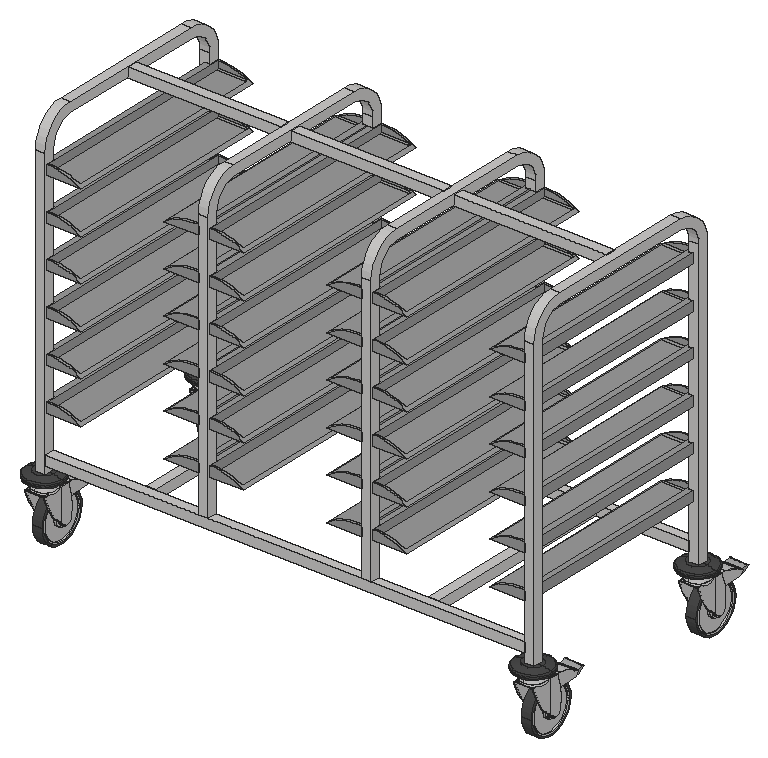
Revit family "QF_BOURGEAT_chariot_cafeteria_18plateaux_modele_bas_couleur", category Equipement spécialisé, Revit 2015
Parameters (values of type "chariot_modele_bas_glissieres_beiges_sans_panneaux")
  panneaux_verts = no
  panneaux_rouges = no
  panneaux_bleus = no
  URL catalogue = "http://www.bourgeat.fr"
  URL = ""
  Type article = ""
  Spécification du Fabricant = "CHARIOT CAFETERIA"
  Profondeur hors tout = 618 mm
  Poids net à vide = 25.00 kg
  Modèle = "782436"
  Longueur hors tout = 1337 mm
  Hauteur hors tout = 994 mm
  Fabricant = "BOURGEAT"
  Contact SAV = "0033(0)4.76.32.14.44"
  Charge max = 90.00 kg
Types (5, lengths in mm): name | panneaux_verts | panneaux_rouges | panneaux_bleus | Poids net à vide | Modèle
  (no name) | no | no | no | 25.00 kg | "782436"
  chariot_modele_bas_glissieres_beiges_sans_panneaux | no | no | no | 25.00 kg | "782436"
  chariot_modele_bas_glissieres_beiges_avec_2panneaux_bleus | no | no | yes | 27.50 kg | "782536"
  chariot_modele_bas_glissieres_beiges_avec_2panneaux_rouges | no | yes | no | 27.50 kg | "782736"
  chariot_modele_bas_glissieres_beiges_avec_2panneaux_verts | yes | no | no | 27.50 kg | "782636"
Reference planes
  plane 1 "Centre (avant/arrière)": y = 0
  plane 2: z = 0
  plane 3 "Centre (gauche/droite)": x = 0
  plane 4: x = 633.5
  plane 5: x = -633.5
  plane 6: z = 227.8
  plane 7: z = 182
  plane 8: z = 202.8
  plane 9: x = -219.5
  plane 10: x = 164.5
  plane 11: y = 12.5
  plane 12: y = -12.5
  plane 13: z = 867.34
  plane 14: z = 759.34
  plane 15: z = 651.34
  plane 16: z = 543.34
  plane 17: z = 435.34
  plane 18: z = 327.34
  plane 19: x = -207
  plane 20: x = 207
  plane 21: x = 194.5
  plane 22: x = 608.5
  plane 23: x = 219.5
  plane 24: z = 964.5
  plane 25: x = -414
  plane 26: x = -608.5
Forms (mm)
  Extrusion 1, solid, material "Acier inoxydable, brossé"
    sketch origin (0, 0, 0) x (0, 1, 0) y (0, 0, 1)
      loop
        line (-274, 227.8) -> (-274, 202.8) -> (-249, 202.8) -> (-249, 227.8) -> (-274, 227.8)
      loop
        line (249, 202.8) -> (274, 202.8) -> (274, 227.8) -> (249, 227.8) -> (249, 202.8)
    from -608.5 to 608.5
  Extrusion 2, solid, material "Acier inoxydable, brossé"
    sketch origin (-55, 0, 0) x (1, 0, 0) y (0, 0, 1)
      loop
        line (-316.5, 227.8) -> (-316.5, 202.8) -> (-291.5, 202.8) -> (-291.5, 227.8) -> (-316.5, 227.8)
      loop
        line (426.5, 227.8) -> (401.5, 227.8) -> (401.5, 202.8) -> (426.5, 202.8) -> (426.5, 227.8)
    from -249 to 249
  Extrusion 3, solid, material "Acier inoxydable, brossé"
    sketch origin (0, 0, 0) x (1, 0, 0) y (0, 0, 1)
      loop
        line (-608.5, 994.8) -> (-608.5, 969.8) -> (-219.5, 969.8) -> (-219.5, 994.8) -> (-608.5, 994.8)
      loop
        line (608.5, 995) -> (219.5, 995) -> (219.5, 969.8) -> (608.5, 969.8) -> (608.5, 995)
      loop
        line (194.5, 994.8) -> (-194.5, 994.8) -> (-194.5, 969.8) -> (194.5, 969.8) -> (194.5, 994.8)
    from -12.5 to 12.5
Dimensions and locks
  locked: plane 5 to plane 4 at 1267
  plane 6 to plane 8 = 25 mm
  nested 2 to level = 995 mm
  plane 5 to plane 3 "Centre (gauche/droite)" to plane 4 = 633.5 mm, 633.5 mm
  plane 5 to plane 9 = 414 mm
  nested 8 to nested 1 = 389 mm
  nested 7 to nested 8 = 389 mm
  Extrusion 2 to Extrusion 2 = 25 mm
  plane 22 to plane 23 = 389 mm
  nested 8 to plane 25 = 194.5 mm
  equal spacing: group 6, group 5, group 4, group 3, group 2, group 1  (x2)
  equal spacing: group 1, group 2, group 3, group 4, group 5, group 6
  aligned and locked: level to plane 2
  aligned and locked: plane 5 to nested 1
  aligned and locked: nested 2 to plane 1 "Centre (avant/arrière)"
  aligned and locked: nested 1 to plane 1 "Centre (avant/arrière)"
  aligned and locked: nested 2 to nested 6
  aligned and locked: nested 6 to nested 2
  aligned and locked: plane 4 to nested 2
  aligned and locked: nested 1 to plane 5
  aligned and locked: nested 4 to nested 1  (x2)
  aligned and locked: nested 3 to nested 1
  aligned and locked: nested 5 to nested 2  (x2)
  aligned and locked: nested 7 to plane 1 "Centre (avant/arrière)"
  aligned and locked: Extrusion 1 sketch curve to nested 7  (x4)
  aligned and locked: plane 8 to Extrusion 1 sketch curve
  aligned and locked: Extrusion 1 sketch curve to nested 1
  aligned and locked: Extrusion 1 sketch curve to plane 8
  aligned and locked: nested 1 to Extrusion 1 sketch curve
  aligned and locked: Extrusion 2 sketch curve to plane 6
  aligned and locked: plane 8 to Extrusion 2 sketch curve  (x3)
  aligned and locked: plane 6 to Extrusion 2 sketch curve
  aligned and locked: Extrusion 2 sketch curve to plane 8
  aligned and locked: Extrusion 2 to Extrusion 1
  aligned and locked: Extrusion 3 sketch curve to nested 1
  aligned and locked: nested 1 to Extrusion 3 sketch curve
  aligned and locked: nested 7 to Extrusion 3 sketch curve  (x3)
  aligned and locked: nested 2 to Extrusion 3 sketch curve
  aligned and locked: Extrusion 3 sketch curve to nested 2
  aligned and locked: Extrusion 3 sketch curve to nested 7  (x2)
  aligned and locked: Extrusion 3 to plane 11
  aligned and locked: Extrusion 3 to plane 12
  aligned and locked: Extrusion 2 to nested 1
  aligned and locked: nested 2 to plane 22
  aligned and locked: plane 6 to nested 8
  aligned and locked: nested 7 to plane 23
  aligned and locked: nested 7 to plane 21
  aligned and locked: Extrusion 1 to nested 2
  aligned and locked: nested 8 to Extrusion 3 sketch curve
  aligned and locked: Extrusion 3 sketch curve to nested 8
  aligned and locked: nested 1 to nested 3
  aligned and locked: plane 13 to nested 9
  aligned and locked: plane 26 to nested 11
  aligned and locked: plane 26 to nested 12
  aligned and locked: plane 26 to nested 13
  aligned and locked: plane 26 to nested 14
  aligned and locked: Extrusion 3 sketch curve to Extrusion 3 sketch curve
  aligned and locked: nested 1 to plane 26
  aligned and locked: plane 24 to nested 45
  aligned and locked: plane 24 to nested 47
  aligned and locked: plane 24 to nested 49
  aligned and locked: plane 24 to nested 46
  aligned and locked: plane 24 to nested 48
  aligned and locked: plane 24 to nested 50
  aligned and locked: nested 46 to nested 39
  aligned and locked: nested 48 to nested 39
  aligned and locked: nested 50 to nested 39
  aligned and locked: nested 45 to nested 9
  aligned and locked: nested 47 to nested 9
  aligned and locked: nested 49 to nested 9
Nested families
  nested 1: "montant_U" at (-621, 0, 181.8) x (0, 1, 0) z (0, 0, 1), type "montant_U"
  nested 2: "montant_U" at (621, 0, 182) x (0, 1, 0) z (0, 0, 1), type "montant_U"
  nested 3: "ROULETTE_H182" at (-621, 261.5, 0), type "ROULETTE_H182"
    with Sans frein yes, Avec frein yes
  nested 4: "ROULETTE_H182" at (-621, -261.5, 0), type "ROULETTE_H182"
    with Sans frein yes, Avec frein yes
  nested 5: "ROULETTE_H182" at (621, -261.5, 0), type "ROULETTE_H182"
    with Sans frein yes, Avec frein yes
  nested 6: "ROULETTE_H182" at (621, 261.5, 0), type "ROULETTE_H182"
    with Sans frein yes, Avec frein yes
  nested 7: "montant_U_central" at (207, 0, 227.8) x (0, 1, 0) z (0, 0, 1), type "montant_U_central"
  nested 8: "montant_U_central" at (-207, 0, 227.8) x (0, 1, 0) z (0, 0, 1), type "montant_U_central"
  nested 9: "glissiere_polypropylene_beige" at (-618.5, 0, 862.34), type "glissiere_polypropylene_beige"
  nested 10: "glissiere_polypropylene_beige" at (-618.5, 0, 754.34), type "glissiere_polypropylene_beige"
  nested 11: "glissiere_polypropylene_beige" at (-618.5, 0, 646.34), type "glissiere_polypropylene_beige"
  nested 12: "glissiere_polypropylene_beige" at (-618.5, 0, 538.34), type "glissiere_polypropylene_beige"
  nested 13: "glissiere_polypropylene_beige" at (-618.5, 0, 430.34), type "glissiere_polypropylene_beige"
  nested 14: "glissiere_polypropylene_beige" at (-618.5, 0, 322.34), type "glissiere_polypropylene_beige"
  nested 15: "glissiere_polypropylene_beige" at (-209.5, 0, 862.34) x (-1, 0, 0) z (0, 0, 1), type "glissiere_polypropylene_beige"
  nested 16: "glissiere_polypropylene_beige" at (-209.5, 0, 754.34) x (-1, 0, 0) z (0, 0, 1), type "glissiere_polypropylene_beige"
  nested 17: "glissiere_polypropylene_beige" at (-209.5, 0, 646.34) x (-1, 0, 0) z (0, 0, 1), type "glissiere_polypropylene_beige"
  nested 18: "glissiere_polypropylene_beige" at (-209.5, 0, 538.34) x (-1, 0, 0) z (0, 0, 1), type "glissiere_polypropylene_beige"
  nested 19: "glissiere_polypropylene_beige" at (-209.5, 0, 430.34) x (-1, 0, 0) z (0, 0, 1), type "glissiere_polypropylene_beige"
  nested 20: "glissiere_polypropylene_beige" at (-209.5, 0, 322.34) x (-1, 0, 0) z (0, 0, 1), type "glissiere_polypropylene_beige"
  nested 21: "glissiere_polypropylene_beige" at (204.5, 0, 862.34) x (-1, 0, 0) z (0, 0, 1), type "glissiere_polypropylene_beige"
  nested 22: "glissiere_polypropylene_beige" at (204.5, 0, 754.34) x (-1, 0, 0) z (0, 0, 1), type "glissiere_polypropylene_beige"
  nested 23: "glissiere_polypropylene_beige" at (204.5, 0, 646.34) x (-1, 0, 0) z (0, 0, 1), type "glissiere_polypropylene_beige"
  nested 24: "glissiere_polypropylene_beige" at (204.5, 0, 538.34) x (-1, 0, 0) z (0, 0, 1), type "glissiere_polypropylene_beige"
  nested 25: "glissiere_polypropylene_beige" at (204.5, 0, 430.34) x (-1, 0, 0) z (0, 0, 1), type "glissiere_polypropylene_beige"
  nested 26: "glissiere_polypropylene_beige" at (204.5, 0, 322.34) x (-1, 0, 0) z (0, 0, 1), type "glissiere_polypropylene_beige"
  nested 27: "glissiere_polypropylene_beige" at (-204.5, 0, 862.34), type "glissiere_polypropylene_beige"
  nested 28: "glissiere_polypropylene_beige" at (-204.5, 0, 754.34), type "glissiere_polypropylene_beige"
  nested 29: "glissiere_polypropylene_beige" at (-204.5, 0, 646.34), type "glissiere_polypropylene_beige"
  nested 30: "glissiere_polypropylene_beige" at (-204.5, 0, 538.34), type "glissiere_polypropylene_beige"
  nested 31: "glissiere_polypropylene_beige" at (-204.5, 0, 430.34), type "glissiere_polypropylene_beige"
  nested 32: "glissiere_polypropylene_beige" at (-204.5, 0, 322.34), type "glissiere_polypropylene_beige"
  nested 33: "glissiere_polypropylene_beige" at (209.5, 0, 862.34), type "glissiere_polypropylene_beige"
  nested 34: "glissiere_polypropylene_beige" at (209.5, 0, 754.34), type "glissiere_polypropylene_beige"
  nested 35: "glissiere_polypropylene_beige" at (209.5, 0, 646.34), type "glissiere_polypropylene_beige"
  nested 36: "glissiere_polypropylene_beige" at (209.5, 0, 538.34), type "glissiere_polypropylene_beige"
  nested 37: "glissiere_polypropylene_beige" at (209.5, 0, 430.34), type "glissiere_polypropylene_beige"
  nested 38: "glissiere_polypropylene_beige" at (209.5, 0, 322.34), type "glissiere_polypropylene_beige"
  nested 39: "glissiere_polypropylene_beige" at (618.5, 0, 862.34) x (-1, 0, 0) z (0, 0, 1), type "glissiere_polypropylene_beige"
  nested 40: "glissiere_polypropylene_beige" at (618.5, 0, 754.34) x (-1, 0, 0) z (0, 0, 1), type "glissiere_polypropylene_beige"
  nested 41: "glissiere_polypropylene_beige" at (618.5, 0, 646.34) x (-1, 0, 0) z (0, 0, 1), type "glissiere_polypropylene_beige"
  nested 42: "glissiere_polypropylene_beige" at (618.5, 0, 538.34) x (-1, 0, 0) z (0, 0, 1), type "glissiere_polypropylene_beige"
  nested 43: "glissiere_polypropylene_beige" at (618.5, 0, 430.34) x (-1, 0, 0) z (0, 0, 1), type "glissiere_polypropylene_beige"
  nested 44: "glissiere_polypropylene_beige" at (618.5, 0, 322.34) x (-1, 0, 0) z (0, 0, 1), type "glissiere_polypropylene_beige"
  nested 45: "panneaux_lateraux_bleus" at (-622.5, 0, 252.5) x (0, 1, 0) z (0, 0, 1), visible <- "panneaux_bleus", type "panneaux_lateraux_bleus"
  nested 46: "panneaux_lateraux_bleus" at (618.5, 0, 252.5) x (0, 1, 0) z (0, 0, 1), visible <- "panneaux_bleus", type "panneaux_lateraux_bleus"
  nested 47: "panneaux_lateraux_rouge" at (-622.5, 0, 252.5) x (0, 1, 0) z (0, 0, 1), visible <- "panneaux_rouges", type "panneaux_lateraux_rouge"
  nested 48: "panneaux_lateraux_rouge" at (618.5, 0, 252.5) x (0, 1, 0) z (0, 0, 1), visible <- "panneaux_rouges", type "panneaux_lateraux_rouge"
  nested 49: "panneaux_lateraux_vert" at (-622.5, 0, 252.5) x (0, 1, 0) z (0, 0, 1), visible <- "panneaux_verts", type "panneaux_lateraux_vert"
  nested 50: "panneaux_lateraux_vert" at (618.5, 0, 252.5) x (0, 1, 0) z (0, 0, 1), visible <- "panneaux_verts", type "panneaux_lateraux_vert"
Definition of nested family "montant_U"
  Reference planes
    plane 1 "Centre (avant/arrière)": y = 0
    plane 2: z = 0
    plane 3 "Centre (gauche/droite)": x = 0
    plane 4: x = -261.5
    plane 5: x = 261.5
    plane 6: z = 800.5
  Forms (mm)
    Sweep 1, solid
      path origin (0, 0, 0) x (1, 0, 0) y (0, 0, 1)
        loop
          line (-261.5, 0) -> (-261.5, 730.5)
          arc (-261.5, 730.5) -> (-240.997, 779.997) -> (-191.5, 800.5) r 70
          line (-191.5, 800.5) -> (191.5, 800.5)
          arc (191.5, 800.5) -> (240.997, 779.997) -> (261.5, 730.5) r 70
          line (261.5, 730.5) -> (261.5, 0)
      profile origin (-261.5, 0, 365.25) x (-1, 0, 0) y (0, -1, 0)
        loop
          line (-12.5, -12.5) -> (12.5, -12.5) -> (12.5, 12.5) -> (-12.5, 12.5) -> (-12.5, -12.5)
  Dimensions and locks
    equal spacing: plane 4, plane 3 "Centre (gauche/droite)", plane 5
    plane 6 to plane 2 = 800.5 mm
    aligned and locked: level to plane 2
    aligned and locked: Sweep 1 sketch curve to plane 4
    aligned and locked: Sweep 1 sketch curve to plane 6
    aligned and locked: Sweep 1 sketch curve to plane 5
  Automatic sketch dimensions
    Sweep 1 sketch curve to level = 0 mm  (x2)
    Sweep 1 sketch curve to plane 4 = 70 mm
    Sweep 1 sketch curve to Sweep 1 sketch curve = 70 mm
    Sweep 1 sketch curve to plane 1 "Centre (avant/arrière)" = 12.5 mm
    plane 1 "Centre (avant/arrière)" to Sweep 1 sketch curve = 12.5 mm
    profile plane to Sweep 1 sketch curve = 12.5 mm
    Sweep 1 sketch curve to profile plane = 12.5 mm
Definition of nested family "ROULETTE_H182"
  Parameters (values of type "ROULETTE_H182")
    Sans frein [instance] = yes
    Avec frein [instance] = yes
  Reference planes
    plane 1 "Centre (avant/arrière)": y = 0
    plane 2: z = 0
    plane 3 "Centre (gauche/droite)": x = 0
    plane 4: y = 40.851
    plane 5: z = 62.5
  Forms (mm)
    Extrusion 1, solid
      sketch origin (0, 0, 0) x (0, 1, 0) y (0, 0, 1)
        loop
          circle (40.851, 62.5) r 62.5
        loop
          circle (40.851, 62.5) r 57.5
      from -12.5 to 12.5
    Revolve 2, solid
      sketch origin (0, 0, 30.333) x (1, 0, 0) y (0, 0, 1)
        loop
          line (0, 151.667) -> (-25, 151.667) -> (-45.338, 146.217)
          arc (-45.338, 146.217) -> (-46.897, 145.175) -> (-47.5, 143.4) r 2.917
          line (-47.5, 143.4) -> (-47.5, 138.833)
          arc (-47.5, 138.833) -> (-47.012, 137.655) -> (-45.833, 137.167) r 1.667
          line (-45.833, 137.167) -> (-24.607, 137.167) -> (-24, 132.667) -> (0, 132.667) -> (0, 151.667)
        axis (0, 151.667) -> (0, 132.667)
      angle from 0 to 360
    Revolve 3, solid
      sketch origin (0, 0, 0) x (0, 1, 0) y (0, 0, 1)
        loop
          line (0, 163) -> (-20.149, 163) -> (-20.149, 159.41) -> (-21.6, 159.41)
          arc (-21.6, 159.41) -> (-24.448, 158.65) -> (-26.537, 156.572) r 5.712
          line (-26.537, 156.572) -> (-30.146, 147.743) -> (-26.999, 147.062) -> (-26.999, 146.112)
          arc (-26.999, 146.112) -> (-27.23, 145.314) -> (-27.849, 144.761) r 1.5
          arc (-27.849, 144.761) -> (-29.223, 143.633) -> (-29.923, 142) r 3.75
          line (-29.923, 142) -> (0, 142) -> (0, 163)
        axis (0, 163) -> (0, 142)
      angle from 0 to 360
    Extrusion 4, solid
      sketch origin (0, 0, 0) x (0, 1, 0) y (0, 0, -1)
        loop
          line (-29.974, -138.241) -> (-29.974, -142) -> (21.747, -142) -> (21.747, -60.336)
          arc (21.747, -60.336) -> (10.272, -70.702) -> (-0.149, -82.127) r 160.057
          arc (-0.149, -82.127) -> (-17.883, -108.684) -> (-29.974, -138.241) r 159.585
      from -24.913 to -23.038
    Extrusion 5, solid
      sketch origin (0, 0, 0) x (0, 1, 0) y (0, 0, 1)
        loop
          line (-29.974, 142) -> (-29.974, 140.869) -> (21.747, 140.869) -> (21.747, 142) -> (-29.974, 142)
      from -23.038 to 23.038
    Extrusion 6, solid
      sketch origin (0, 0, 0) x (0, 1, 0) y (0, 0, 1)
        loop
          circle (40.851, 62.5) r 57.5
        loop
          circle (40.851, 62.5) r 55
      from -12.5 to 12.5
    Extrusion 7, solid
      sketch origin (0, 0, 0) x (0, 1, 0) y (0, 0, 1)
        loop
          circle (40.851, 62.5) r 55
      from -7 to 7
    Extrusion 8, solid
      sketch origin (0, 0, 0) x (0, 1, 0) y (0, 0, 1)
        loop
          circle (40.851, 62.5) r 21
      from 7 to 15
    Extrusion 9, solid
      sketch origin (0, 0, 0) x (0, 1, 0) y (0, 0, -1)
        loop
          circle (40.851, -62.5) r 16
      from -23.038 to -15
    Extrusion 10, solid, visible <- "Sans frein"
      sketch origin (0, 0, 0) x (0, 1, 0) y (0, 0, 1)
        loop
          arc (21.747, 60.336) -> (23.188, 59.17) -> (24.642, 58.02) r 161.23
          arc (24.642, 58.02) -> (29.34, 54.513) -> (34.187, 51.216) r 133.333
          arc (34.187, 51.216) -> (46.517, 50.3) -> (53.927, 60.198) r 12.867
          arc (53.927, 60.198) -> (54.714, 99.183) -> (46.119, 137.216) r 161.222
          arc (46.119, 137.216) -> (45.679, 138.887) -> (45.531, 140.609) r 10.076
          line (45.531, 140.609) -> (45.531, 142) -> (21.747, 142) -> (21.747, 60.336)
      from 23.038 to 24.913
    Extrusion 11, solid, visible <- "Sans frein"
      sketch origin (0, 0, 0) x (0, 1, 0) y (0, 0, 1)
        loop
          line (21.747, 142) -> (21.747, 140.701) -> (48.851, 140.701) -> (48.851, 142) -> (21.747, 142)
      from -23.038 to 23.038
    Extrusion 12, solid, visible <- "Avec frein"
      sketch origin (0, 0, 0) x (0, 1, 0) y (0, 0, 1)
        loop
          line (21.747, 142) -> (21.747, 60.336)
          arc (21.747, 60.336) -> (23.177, 59.179) -> (24.62, 58.038) r 160.008
          arc (24.62, 58.038) -> (29.041, 54.705) -> (33.574, 51.527) r 160
          arc (33.574, 51.527) -> (46.135, 50.422) -> (53.724, 60.491) r 13
          arc (53.724, 60.491) -> (55.279, 82.092) -> (53.902, 103.704) r 160
          arc (53.902, 103.704) -> (55.53, 108.653) -> (60.415, 110.463) r 6
          arc (60.415, 110.463) -> (80.625, 109.924) -> (100.725, 112.107) r 150
          arc (100.725, 112.107) -> (104.408, 113.406) -> (107.479, 115.819) r 12
          line (107.479, 115.819) -> (110.851, 121.523)
          arc (110.851, 121.523) -> (85.913, 134.651) -> (58.706, 142) r 127.902
          line (58.706, 142) -> (21.747, 142)
      from 23.038 to 24.913
    Extrusion 13, solid, visible <- "Avec frein"
      sketch origin (0, 0, 0) x (0, 1, 0) y (0, 0, 1)
        loop
          line (58.706, 142) -> (21.747, 142) -> (21.747, 140) -> (58.552, 140)
          arc (58.552, 140) -> (85.253, 132.762) -> (109.73, 119.866) r 125.902
          line (109.73, 119.866) -> (110.851, 121.523)
          arc (110.851, 121.523) -> (85.913, 134.651) -> (58.706, 142) r 127.902
      from -23.038 to 23.038
    Extrusion 14, solid, visible <- "Avec frein"
      sketch origin (0, 19.896, 18.175) x (0, 1, 0) y (0, 0, 1)
        loop
          line (87.583, 97.644) -> (91.829, 95.227)
          arc (91.829, 95.227) -> (93.8, 95.006) -> (95.312, 96.29) r 2.5
          arc (95.312, 96.29) -> (103.495, 100.002) -> (111.176, 104.666) r 74.999
          line (111.176, 104.666) -> (110.852, 105.929)
          arc (110.852, 105.929) -> (110.04, 107.086) -> (108.666, 107.417) r 2
          arc (108.666, 107.417) -> (101.396, 105.849) -> (94.512, 103.034) r 42.354
          line (94.512, 103.034) -> (93.479, 101.228) -> (93.285, 100.414) -> (91.69, 101.675) -> (90.401, 102.412) -> (87.583, 97.644)
      from -23.038 to 23.038
    Extrusion 15, solid, not visible
      sketch origin (0, 0, 0) x (0, 1, 0) y (0, 0, -1)
        loop
          line (-29.974, -138.241) -> (-29.974, -142) -> (21.747, -142) -> (21.747, -60.336)
          arc (21.747, -60.336) -> (10.272, -70.702) -> (-0.149, -82.127) r 160.057
          arc (-0.149, -82.127) -> (-17.883, -108.684) -> (-29.974, -138.241) r 159.585
      from -24.913 to -23.038
    Extrusion 16, solid, not visible
      sketch origin (0, 0, 0) x (0, 1, 0) y (0, 0, 1)
        loop
          circle (40.851, 62.5) r 21
      from 7 to 15
    Extrusion 17, solid, not visible
      sketch origin (0, 0, 0) x (0, 1, 0) y (0, 0, -1)
        loop
          circle (40.851, -62.5) r 16
      from -23.038 to -15
    Extrusion 18, solid, visible <- "Sans frein", not visible
      sketch origin (0, 0, 0) x (0, 1, 0) y (0, 0, 1)
        loop
          arc (21.747, 60.336) -> (23.188, 59.17) -> (24.642, 58.02) r 161.23
          arc (24.642, 58.02) -> (29.34, 54.513) -> (34.187, 51.216) r 133.333
          arc (34.187, 51.216) -> (46.517, 50.3) -> (53.927, 60.198) r 12.867
          arc (53.927, 60.198) -> (54.714, 99.183) -> (46.119, 137.216) r 161.222
          arc (46.119, 137.216) -> (45.679, 138.887) -> (45.531, 140.609) r 10.076
          line (45.531, 140.609) -> (45.531, 142) -> (21.747, 142) -> (21.747, 60.336)
      from 23.038 to 24.913
    Extrusion 19, solid, visible <- "Avec frein", not visible
      sketch origin (0, 0, 0) x (0, 1, 0) y (0, 0, 1)
        loop
          line (21.747, 142) -> (21.747, 60.336)
          arc (21.747, 60.336) -> (23.177, 59.179) -> (24.62, 58.038) r 160.008
          arc (24.62, 58.038) -> (29.041, 54.705) -> (33.574, 51.527) r 160
          arc (33.574, 51.527) -> (46.135, 50.422) -> (53.724, 60.491) r 13
          arc (53.724, 60.491) -> (55.279, 82.092) -> (53.902, 103.704) r 160
          arc (53.902, 103.704) -> (55.53, 108.653) -> (60.415, 110.463) r 6
          arc (60.415, 110.463) -> (80.625, 109.924) -> (100.725, 112.107) r 150
          arc (100.725, 112.107) -> (104.408, 113.406) -> (107.479, 115.819) r 12
          line (107.479, 115.819) -> (110.851, 121.523)
          arc (110.851, 121.523) -> (85.913, 134.651) -> (58.706, 142) r 127.902
          line (58.706, 142) -> (21.747, 142)
      from 23.038 to 24.913
    Extrusion 20, solid
      sketch origin (0, 0, 0) x (0, -1, 0) y (0, 0, -1)
        loop
          arc (29.974, -138.241) -> (17.883, -108.684) -> (0.149, -82.127) r 159.585
          arc (0.149, -82.127) -> (-10.272, -70.702) -> (-21.747, -60.336) r 160.057
          line (-21.747, -60.336) -> (-21.747, -142) -> (29.974, -142) -> (29.974, -138.241)
      from -24.913 to -23.038
    Extrusion 21, solid
      sketch origin (0, 0, 0) x (0, -1, 0) y (0, 0, 1)
        loop
          circle (-40.851, 62.5) r 21
      from 7 to 15
    Extrusion 22, solid
      sketch origin (0, 0, 0) x (0, -1, 0) y (0, 0, -1)
        loop
          circle (-40.851, -62.5) r 16
      from -23.038 to -15
    Extrusion 23, solid, visible <- "Sans frein"
      sketch origin (0, 0, 0) x (0, -1, 0) y (0, 0, 1)
        loop
          line (-21.747, 60.336) -> (-21.747, 142) -> (-45.531, 142) -> (-45.531, 140.609)
          arc (-45.531, 140.609) -> (-45.679, 138.887) -> (-46.119, 137.216) r 10.076
          arc (-46.119, 137.216) -> (-54.714, 99.183) -> (-53.927, 60.198) r 161.222
          arc (-53.927, 60.198) -> (-46.517, 50.3) -> (-34.187, 51.216) r 12.867
          arc (-34.187, 51.216) -> (-29.34, 54.513) -> (-24.642, 58.02) r 133.333
          arc (-24.642, 58.02) -> (-23.188, 59.17) -> (-21.747, 60.336) r 161.23
      from 23.038 to 24.913
    Extrusion 24, solid, visible <- "Avec frein"
      sketch origin (0, 0, 0) x (0, -1, 0) y (0, 0, 1)
        loop
          line (-21.747, 142) -> (-58.706, 142)
          arc (-58.706, 142) -> (-85.913, 134.651) -> (-110.851, 121.523) r 127.902
          line (-110.851, 121.523) -> (-107.479, 115.819)
          arc (-107.479, 115.819) -> (-104.408, 113.406) -> (-100.725, 112.107) r 12
          arc (-100.725, 112.107) -> (-80.625, 109.924) -> (-60.415, 110.463) r 150
          arc (-60.415, 110.463) -> (-55.53, 108.653) -> (-53.902, 103.704) r 6
          arc (-53.902, 103.704) -> (-55.279, 82.092) -> (-53.724, 60.491) r 160
          arc (-53.724, 60.491) -> (-46.135, 50.422) -> (-33.574, 51.527) r 13
          arc (-33.574, 51.527) -> (-29.041, 54.705) -> (-24.62, 58.038) r 160
          arc (-24.62, 58.038) -> (-23.177, 59.179) -> (-21.747, 60.336) r 160.008
          line (-21.747, 60.336) -> (-21.747, 142)
      from 23.038 to 24.913
  Dimensions and locks
    aligned and locked: level to plane 2
Definition of nested family "montant_U_central"
  Reference planes
    plane 1 "Centre (avant/arrière)": y = 0
    plane 2: z = 0
    plane 3 "Centre (gauche/droite)": x = 0
    plane 4: x = -261.5
    plane 5: x = 261.5
    plane 6: z = 754.5
  Forms (mm)
    Sweep 1, solid
      path origin (0, 0, 0) x (1, 0, 0) y (0, 0, 1)
        loop
          line (-261.5, 0) -> (-261.5, 684.5)
          arc (-261.5, 684.5) -> (-240.997, 733.997) -> (-191.5, 754.5) r 70
          line (-191.5, 754.5) -> (191.5, 754.5)
          arc (191.5, 754.5) -> (240.997, 733.997) -> (261.5, 684.5) r 70
          line (261.5, 684.5) -> (261.5, 0)
      profile origin (-261.5, 0, 342.25) x (-1, 0, 0) y (0, -1, 0)
        loop
          line (-12.5, -12.5) -> (12.5, -12.5) -> (12.5, 12.5) -> (-12.5, 12.5) -> (-12.5, -12.5)
  Dimensions and locks
    equal spacing: plane 4, plane 3 "Centre (gauche/droite)", plane 5
    plane 6 to plane 2 = 754.5 mm
    aligned and locked: level to plane 2
    aligned and locked: Sweep 1 sketch curve to plane 4
    aligned and locked: Sweep 1 sketch curve to plane 6
    aligned and locked: Sweep 1 sketch curve to plane 5
  Automatic sketch dimensions
    Sweep 1 sketch curve to level = 0 mm  (x2)
    Sweep 1 sketch curve to plane 4 = 70 mm
    Sweep 1 sketch curve to Sweep 1 sketch curve = 70 mm
    Sweep 1 sketch curve to plane 1 "Centre (avant/arrière)" = 12.5 mm
    plane 1 "Centre (avant/arrière)" to Sweep 1 sketch curve = 12.5 mm
    profile plane to Sweep 1 sketch curve = 12.5 mm
    Sweep 1 sketch curve to profile plane = 12.5 mm
Definition of nested family "glissiere_polypropylene_beige"
  Reference planes
    plane 1 "Centre (avant/arrière)": y = 0
    plane 2: z = 0
    plane 3 "Centre (gauche/droite)": x = 0
    plane 4: z = 25
    plane 5: x = 100
    plane 6: x = 22
    plane 7: y = 272.5
    plane 8: y = -272.5
    plane 9: x = 15
    plane 10: y = -267.5
    plane 11: z = 5
    plane 12: y = 267.5
    plane 13: y = 247.7
    plane 14: y = -247.7
    plane 15: x = 10
  Forms (mm)
    Extrusion 1, solid
      sketch origin (0, 0, 0) x (1, 0, 0) y (0, 0, 1)
        loop
          line (0, 25) -> (0, 0) -> (100, 0)
          arc (100, 0) -> (62.954, 18.597) -> (22, 25) r 134.18
          line (22, 25) -> (0, 25)
      from -272.5 to 272.5
    Extrusion 2, void
      sketch origin (0, 0, 0) x (0, 1, 0) y (0, 0, 1)
        loop
          line (-264, 5) -> (264, 5)
          arc (264, 5) -> (266.475, 6.025) -> (267.5, 8.5) r 3.5
          line (267.5, 8.5) -> (267.5, 43.902) -> (-267.5, 43.902) -> (-267.5, 8.5)
          arc (-267.5, 8.5) -> (-266.475, 6.025) -> (-264, 5) r 3.5
      from 15 to 250
    Extrusion 3, void
      sketch origin (0, 0, 0) x (1, 0, 0) y (0, 1, 0)
        loop
          line (10, 247.7) -> (10, 289.852) -> (-26.988, 289.852) -> (-26.988, 247.7) -> (10, 247.7)
        loop
          line (10, -247.7) -> (-17.716, -247.7) -> (-17.716, -285.125) -> (10, -285.125) -> (10, -247.7)
      from -29.595 to 250
  Cuts and joins
    Extrusion 2, Extrusion 3 cuts Extrusion 1
  Dimensions and locks
    aligned and locked: level to plane 2
    aligned and locked: Extrusion 1 sketch curve to plane 3 "Centre (gauche/droite)"
    aligned and locked: Extrusion 1 sketch curve to plane 2
    aligned and locked: Extrusion 1 sketch curve to plane 4
    aligned and locked: plane 7 to Extrusion 1
    aligned and locked: plane 8 to Extrusion 1
    aligned and locked: Extrusion 2 sketch curve to plane 11
    aligned and locked: Extrusion 2 sketch curve to plane 10
    aligned and locked: plane 12 to Extrusion 2 sketch curve
    aligned and locked: Extrusion 2 to plane 9
    aligned and locked: plane 13 to Extrusion 3 sketch curve
    aligned and locked: plane 15 to Extrusion 3 sketch curve
    aligned and locked: plane 14 to Extrusion 3 sketch curve
    aligned and locked: Extrusion 3 sketch curve to plane 15
Definition of nested family "panneaux_lateraux_bleus"
  Reference planes
    plane 1 "Centre (avant/arrière)": y = 0
    plane 2: z = 0
    plane 3 "Centre (gauche/droite)": x = 0
    plane 4: x = -244
    plane 5: x = 244
    plane 6: z = 712
    plane 7: y = -4
  Forms (mm)
    Extrusion 1, solid
      sketch origin (0, 0, 0) x (1, 0, 0) y (0, 0, 1)
        loop
          arc (-191.5, 712) -> (-228.623, 696.623) -> (-244, 659.5) r 52.5
          line (-244, 659.5) -> (-244, 0) -> (244, 0) -> (244, 659.5)
          arc (244, 659.5) -> (228.623, 696.623) -> (191.5, 712) r 52.5
          line (191.5, 712) -> (-191.5, 712)
      from 0 to 4
  Dimensions and locks
    plane 4 to plane 3 "Centre (gauche/droite)" = 244 mm
    plane 5 to plane 3 "Centre (gauche/droite)" = 244 mm
    plane 6 to plane 2 = 712 mm
    aligned and locked: level to plane 2
    aligned and locked: Extrusion 1 sketch curve to plane 6
    aligned and locked: Extrusion 1 sketch curve to plane 4
    aligned and locked: plane 2 to Extrusion 1 sketch curve
    aligned and locked: Extrusion 1 sketch curve to plane 5
    aligned and locked: Extrusion 1 to plane 7
Definition of nested family "panneaux_lateraux_rouge"
  Reference planes
    plane 1 "Centre (avant/arrière)": y = 0
    plane 2: z = 0
    plane 3 "Centre (gauche/droite)": x = 0
    plane 4: x = -244
    plane 5: x = 244
    plane 6: z = 712
    plane 7: y = -4
  Forms (mm)
    Extrusion 1, solid
      sketch origin (0, 0, 0) x (1, 0, 0) y (0, 0, 1)
        loop
          arc (-191.5, 712) -> (-228.623, 696.623) -> (-244, 659.5) r 52.5
          line (-244, 659.5) -> (-244, 0) -> (244, 0) -> (244, 659.5)
          arc (244, 659.5) -> (228.623, 696.623) -> (191.5, 712) r 52.5
          line (191.5, 712) -> (-191.5, 712)
      from 0 to 4
  Dimensions and locks
    plane 6 to plane 2 = 712 mm
    plane 4 to plane 3 "Centre (gauche/droite)" = 244 mm
    plane 5 to plane 3 "Centre (gauche/droite)" = 244 mm
    aligned and locked: level to plane 2
    aligned and locked: Extrusion 1 sketch curve to plane 6
    aligned and locked: Extrusion 1 sketch curve to plane 4
    aligned and locked: plane 2 to Extrusion 1 sketch curve
    aligned and locked: Extrusion 1 sketch curve to plane 5
    aligned and locked: Extrusion 1 to plane 7
Definition of nested family "panneaux_lateraux_vert"
  Reference planes
    plane 1 "Centre (avant/arrière)": y = 0
    plane 2: z = 0
    plane 3 "Centre (gauche/droite)": x = 0
    plane 4: x = -244
    plane 5: x = 244
    plane 6: z = 712
    plane 7: y = -4
  Forms (mm)
    Extrusion 1, solid
      sketch origin (0, 0, 0) x (1, 0, 0) y (0, 0, 1)
        loop
          arc (-191.5, 712) -> (-228.623, 696.623) -> (-244, 659.5) r 52.5
          line (-244, 659.5) -> (-244, 0) -> (244, 0) -> (244, 659.5)
          arc (244, 659.5) -> (228.623, 696.623) -> (191.5, 712) r 52.5
          line (191.5, 712) -> (-191.5, 712)
      from 0 to 4
  Dimensions and locks
    plane 6 to plane 2 = 712 mm
    plane 4 to plane 3 "Centre (gauche/droite)" to plane 5 = 244 mm, 244 mm
    aligned and locked: level to plane 2
    aligned and locked: Extrusion 1 sketch curve to plane 6
    aligned and locked: Extrusion 1 sketch curve to plane 4
    aligned and locked: plane 2 to Extrusion 1 sketch curve
    aligned and locked: Extrusion 1 sketch curve to plane 5
    aligned and locked: Extrusion 1 to plane 7
